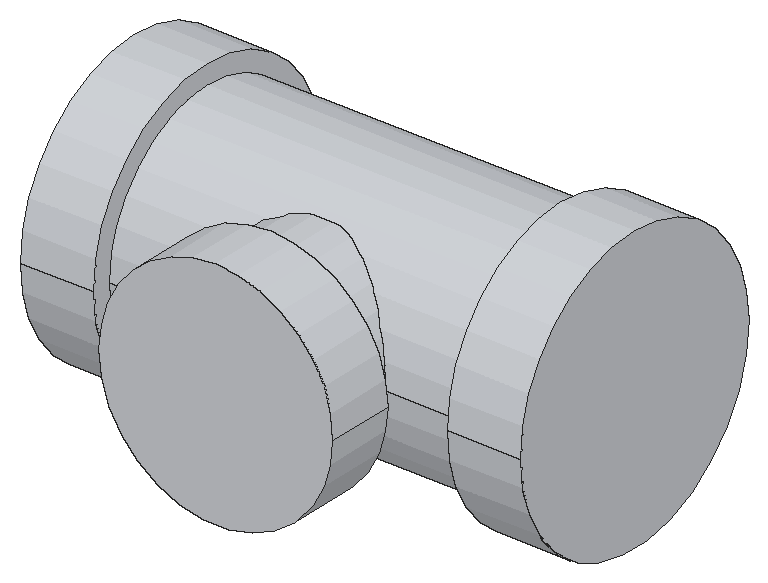
Revit family "48fd21901c42493794a210dcb1e49792", category Pipe Fittings, Revit 2021
Family settings
  Round Connector Dimension = Use Radius
  Part Type = Tee
  OmniClass Number = 23.60.30.11.14
  OmniClass Title = Pipework Fittings
  Seek Item ID = Tee Reducing - Threaded - MI - Class 150-0000-USA-ENU
  Work Plane-Based = No
  Always vertical = Yes
  Cut with Voids When Loaded = No
  Shared = No
Parameters (values of type "Standard")
  Tick Size 3 [instance] = Fitting Outside Diameter 3 * 0.4  # 0.23433"
  Tick Size 2 [instance] = Fitting Outside Diameter 2 * 0.4  # 0.29165"
  Tick Size 1 [instance] = Fitting Outside Diameter 1 * 0.4  # 0.29165"
  Nominal Radius 3 [instance] = 1/16"
  Nominal Radius 2 [instance] = 1/8"
  Nominal Radius 1 [instance] = 1/8"
  Nominal Diameter 3 [instance] = Nominal Radius 3 * 2  # 1/8"
  Nominal Diameter 2 [instance] = Nominal Radius 2 * 2  # 1/4"
  Nominal Diameter 1 [instance] = Nominal Radius 1 * 2  # 1/4"
  Metal Thickness 3 [instance] = size_lookup(Lookup Table Name, "MThk", 0.04 * Nominal Diameter 3 + 11/128", Nominal Diameter 3)  # 0.09016"
  Metal Thickness 2 [instance] = size_lookup(Lookup Table Name, "MThk", 0.04 * Nominal Diameter 2 + 11/128", Nominal Diameter 2)  # 0.09488"
  Metal Thickness 1 [instance] = size_lookup(Lookup Table Name, "MThk", 0.04 * Nominal Diameter 1 + 11/128", Nominal Diameter 1)  # 0.09488"
  Loss Method = K Coefficient from Table
  Lookup Table Name = "Tee Reducing - Threaded - MI - Class 150"
  K Coefficient Table = "Converging/Diverging Tee/Wye"
  Default Elevation = 0' - 0"
  C2 Length 2 [instance] = if(and(Angle < 90.00°, Length 1 < 0"), Max Band Outside Radius 12 / tan(Angle - atan(Band Outside Radius 3 / C3 Length 1)) + Band Width 2, Center to End 2)  # 0.74016"
  Max Band Outside Radius 12 [instance] = if(Band Outside Radius 1 > Band Outside Radius 2, Band Outside Radius 1, Band Outside Radius 2)  # 0.42126"
  C3 Length 2 [instance] = if(and(Angle < 90.00°, Length 1 < 0"), (Max Band Outside Radius 12 + Band Outside Radius 3 * cos(Angle)) / sin(Angle) + Band Width 3, if(and(Angle > 90.00°, Length 1 < 0"), (Max Band Outside Radius 12 + Band Outside Radius 3 * cos(180.00° - Angle)) / sin(180.00° - Angle) + Band Width 3, Max Band Outside Radius 12 + Band Width 3))  # 0.62205"
  C3 Length 1 [instance] = C3 Length 2 - Band Width 3  # 0.42126"
  C2 Length 1 [instance] = C2 Length 2 - Band Width 2  # 0.52362"
  C1 Length 2 [instance] = if(and(Angle > 90.00°, Length 1 < 0"), Max Band Outside Radius 12 / tan(180.00° - Angle - atan(Band Outside Radius 3 / C3 Length 1)) + Band Width 1, Center to End 1)  # 0.74016"
  C1 Length 1 [instance] = C1 Length 2 - Band Width 1  # 0.52362"
  Length 1 [instance] = if(Angle < 90.00°, ((Center to End 3 - Band Width 3) / cos(Angle 1) * sin(Angle - Angle 1) - Max Band Outside Radius 12), ((Center to End 3 - Band Width 3) / cos(Angle 1) * sin(180.00° - Angle - Angle 1) - Max Band Outside Radius 12))  # 0.1378"
  Fitting Outside Radius 3 [instance] = Fitting Outside Diameter 3 / 2  # 0.29291"
  Fitting Outside Radius 2 [instance] = Fitting Outside Diameter 2 / 2  # 0.36457"
  Fitting Outside Radius 1 [instance] = Fitting Outside Diameter 1 / 2  # 0.36457"
  Fitting Outside Diameter 3 [instance] = Fitting Inside Diameter 3 + Metal Thickness 3 * 2  # 0.58583"
  Fitting Outside Diameter 2 [instance] = Fitting Inside Diameter 2 + Metal Thickness 2 * 2  # 0.72913"
  Fitting Outside Diameter 1 [instance] = Fitting Inside Diameter 1 + Metal Thickness 1 * 2  # 0.72913"
  Fitting Inside Diameter 3 [instance] = size_lookup(Lookup Table Name, "FID", 1.08 * Nominal Diameter 3 + 13/64", Nominal Diameter 3)  # 0.40551"
  Fitting Inside Diameter 2 [instance] = size_lookup(Lookup Table Name, "FID", 1.08 * Nominal Diameter 2 + 13/64", Nominal Diameter 2)  # 0.53937"
  Fitting Inside Diameter 1 [instance] = size_lookup(Lookup Table Name, "FID", 1.08 * Nominal Diameter 1 + 13/64", Nominal Diameter 1)  # 0.53937"
  Center to End 3 [instance] = size_lookup(Lookup Table Name, "CtE3", 0.58 * Nominal Diameter 1 - 0.01 * Nominal Diameter 2 + 0.23 * Nominal Diameter 3 + 169/256", (Nominal Diameter 1), (Nominal Diameter 2), (Nominal Diameter 3))  # 0.75984"
  Center to End 2 [instance] = size_lookup(Lookup Table Name, "CtE2", 0.1 * Nominal Diameter 1 + 0.15 * Nominal Diameter 2 + 0.53 * Nominal Diameter 3 + 175/256", (Nominal Diameter 1), (Nominal Diameter 2), (Nominal Diameter 3))  # 0.74016"
  Center to End 1 [instance] = size_lookup(Lookup Table Name, "CtE1", 0.29 * Nominal Diameter 1 - 0.05 * Nominal Diameter 2 + 0.52 * Nominal Diameter 3 + 181/256", (Nominal Diameter 1), (Nominal Diameter 2), (Nominal Diameter 3))  # 0.74016"
  Band Width 3 [instance] = size_lookup(Lookup Table Name, "BWid", 0.12 * Nominal Diameter 3 + 45/256", Nominal Diameter 3)  # 0.20079"
  Band Width 2 [instance] = size_lookup(Lookup Table Name, "BWid", 0.12 * Nominal Diameter 2 + 45/256", Nominal Diameter 2)  # 0.21654"
  Band Width 1 [instance] = size_lookup(Lookup Table Name, "BWid", 0.12 * Nominal Diameter 1 + 45/256", Nominal Diameter 1)  # 0.21654"
  Band Outside Radius 3 [instance] = Band Outside Diameter 3 / 2  # 0.34646"
  Band Outside Radius 2 [instance] = Band Outside Diameter 2 / 2  # 0.42126"
  Band Outside Radius 1 [instance] = Band Outside Diameter 1 / 2  # 0.42126"
  Band Outside Diameter 3 [instance] = size_lookup(Lookup Table Name, "BOD", 1.23 * Nominal Diameter 3 + 125/256", Nominal Diameter 3)  # 0.69291"
  Band Outside Diameter 2 [instance] = size_lookup(Lookup Table Name, "BOD", 1.23 * Nominal Diameter 2 + 125/256", Nominal Diameter 2)  # 0.84252"
  Band Outside Diameter 1 [instance] = size_lookup(Lookup Table Name, "BOD", 1.23 * Nominal Diameter 1 + 125/256", Nominal Diameter 1)  # 0.84252"
  Angle 1 [instance] = atan(Band Outside Radius 3 / (Center to End 3 - Band Width 3))  # 31.7873°
  Angle [instance] = 90.00°
Reference planes (in)
  plane 1 "Center (Front/Back)": y = 0
  plane 2: z = 0
  plane 3 "Center (Left/Right)": x = 0
  plane 4: x = -0.52362
  plane 5: x = 0.52362
  plane 6: x = -0.74016
  plane 7: x = 0.74016
  plane 8: y = 0.29165
  plane 9: y = -0.29165
  plane 10: x = -0.52362
  plane 11: x = 0.52362
  plane 12: y = 0.29165
  plane 13: y = -0.29165
Forms (in)
  Blend 1, solid, detail levels fine
    base sketch origin (0, 0, 0) x (0, 1, 0) y (0, 0, 1)
      loop
        circle (0, 0) r 0.36457
    top sketch origin (0, 0, 0) x (0, 1, 0) y (0, 0, 1)
      loop
        circle (0, 0) r 0.36457
    from -0.52362 to 0.52362
  Sweep 2, solid, detail levels fine
    path in 3D
      loop
        line (-0.74016, 0, 0) -> (-0.52362, 0, 0)
    profile origin (-0.63189, 0, 0) x (0, 1, 0) y (0, 0, 1)
      loop
        circle (0, 0) r 0.42126
  Sweep 3, solid, detail levels fine
    path in 3D
      loop
        line (0.52362, 0, 0) -> (0.74016, 0, 0)
    profile origin (0.63189, 0, 0) x (0, 1, 0) y (0, 0, 1)
      loop
        circle (0, 0) r 0.42126
  Sweep 4, solid, detail levels fine
    path in 3D
      loop
        line (0, 0, 0) -> (0, -0.42126, 0)
    profile origin (0, -0.21063, 0) x (1, 0, 0) y (0, 0, 1)
      loop
        circle (0, 0) r 0.29291
  Sweep 5, solid, detail levels fine
    path in 3D
      loop
        line (0, -0.42126, 0) -> (0, -0.62205, 0)
    profile origin (0, -0.52165, 0) x (1, 0, 0) y (0, 0, 1)
      loop
        circle (0, 0) r 0.34646
Cuts and joins
  joined: Blend 1, Sweep 2, Sweep 3, Sweep 4, Sweep 5
Lines and regions (in)
  model lines, detail levels coarse+medium
    curve 1: line (-0.74016, 0.29165, 0) -> (-0.74016, -0.29165, 0)
    curve 2: line (0.74016, 0.29165, 0) -> (0.74016, -0.29165, 0)
    curve 14: line (0, 0, 0) -> (0, -0.62205, 0)
    curve 15: line (0, 0, 0) -> (0.74016, 0, 0)
    curve 16: line (0, 0, 0) -> (-0.74016, 0, 0)
    curve 17: line (0.23433, -0.62205, 0) -> (-0.23433, -0.62205, 0)
  reference lines
    curve 3: line (0, 0, 0) -> (0, -0.42126, 0)
    curve 4: line (0, -0.42126, 0) -> (0, -0.62205, 0)
    curve 5: line (0.52362, 0, 0) -> (0.74016, 0, 0)
    curve 6: line (-0.74016, 0, 0) -> (-0.52362, 0, 0)
    curve 7: line (-0.74016, 0, 0) -> (-0.52362, 0, 0)
    curve 8: line (0.52362, 0, 0) -> (0.74016, 0, 0)
    curve 9: line (0, -0.62205, 0) -> (0, -0.42126, 0)
  sketch lines
    curve 10: line (-0.74016, 0, 0) -> (-0.52362, 0, 0)
    curve 11: line (0.52362, 0, 0) -> (0.74016, 0, 0)
    curve 12: line (0, 0, 0) -> (0, -0.42126, 0)
    curve 13: line (0, -0.42126, 0) -> (0, -0.62205, 0)
Dimensions and locks (in)
  "C1 Length 1": plane 4 to plane 3 "Center (Left/Right)"
  "C2 Length 1": plane 3 "Center (Left/Right)" to plane 5
  "C1 Length 2": plane 6 to plane 3 "Center (Left/Right)"
  equal spacing: plane 8, plane 1 "Center (Front/Back)", plane 9
  "Tick Size 1": plane 8 to plane 1 "Center (Front/Back)"
  "C3 Length 1": curve 3 to curve 4
  "Band Width 3": curve 4 to curve 4
  "C2 Length 2": plane 3 "Center (Left/Right)" to plane 7
  equal spacing: plane 12, plane 1 "Center (Front/Back)", plane 13
  "Tick Size 2": plane 12 to plane 1 "Center (Front/Back)"
  "C3 Length 2": curve 14 to curve 14
  equal spacing: curve 17, curve 14, curve 17
  "Tick Size 3": curve 14 to curve 17
  "Fitting Outside Radius 1": radius of Blend 1 sketch curve
  "Fitting Outside Radius 2": radius of Blend 1 sketch curve
  "Band Outside Radius 1": radius of Sweep 2 sketch curve
  "Band Outside Radius 2": radius of Sweep 3 sketch curve
  "Fitting Outside Radius 3": radius of Sweep 4 sketch curve
  "Band Outside Radius 3": radius of Sweep 5 sketch curve
  "Angle": angle curve 3 to plane 1 "Center (Front/Back)"
  "Angle": angle curve 4 to plane 1 "Center (Front/Back)"
  "Angle": angle curve 9 to plane 1 "Center (Front/Back)"
  "Angle": angle curve 14 to plane 1 "Center (Front/Back)"
  "Angle": angle curve 17 to plane 5
  aligned and locked: plane 8 to curve 1
  aligned and locked: plane 9 to curve 1
  aligned and locked: curve 1 to plane 6
  aligned and locked: curve 2 to plane 7
  aligned and locked: plane 3 "Center (Left/Right)" to curve 3
  aligned and locked: plane 6 to curve 6
  aligned and locked: plane 4 to curve 6
  aligned and locked: plane 5 to curve 5
  aligned and locked: plane 7 to curve 5
  aligned and locked: plane 1 "Center (Front/Back)" to curve 5
  aligned and locked: plane 1 "Center (Front/Back)" to curve 6
  aligned and locked: plane 6 to curve 7
  aligned and locked: plane 10 to curve 7
  aligned and locked: plane 1 "Center (Front/Back)" to curve 7
  aligned and locked: plane 11 to curve 8
  aligned and locked: plane 7 to curve 8
  aligned and locked: plane 1 "Center (Front/Back)" to curve 8
  aligned and locked: plane 1 "Center (Front/Back)" to Blend 1 sketch curve  (x2)
  aligned and locked: plane 2 to Blend 1 sketch curve  (x2)
  aligned and locked: Blend 1 to plane 4
  aligned and locked: plane 5 to Blend 1
  aligned and locked: plane 1 "Center (Front/Back)" to Sweep 2 sketch curve
  aligned and locked: plane 2 to Sweep 2 sketch curve
  aligned and locked: plane 1 "Center (Front/Back)" to Sweep 3 sketch curve
  aligned and locked: plane 2 to Sweep 3 sketch curve
  aligned and locked: plane 13 to curve 2
  aligned and locked: plane 12 to curve 2
  aligned and locked: profile plane to Sweep 4 sketch curve  (x2)
  aligned and locked: profile plane to Sweep 5 sketch curve  (x2)
  aligned and locked: plane 3 "Center (Left/Right)" to curve 14
  aligned and locked: plane 1 "Center (Front/Back)" to curve 14
  aligned and locked: plane 7 to curve 15
  aligned and locked: plane 6 to curve 16
Automatic sketch dimensions
  curve 3 to plane 1 "Center (Front/Back)" = 0' - 0"
Connectors (in)
  piping at (-0.74016, 0, 0), diameter 0.25, driven by "Nominal Radius 1"
    settings: on cut or joined group of Blend 1, Sweep 2, Sweep 3, Sweep 4, Sweep 5, index 1, connector inside diameter 1/4", connector length 0' - 0", flow factor 0, pipe flow 0 GPM, pressure drop 0.00 psi, fitting loss kfactor 0, connector angle 0.00°, fixture units 0, engagement length 0' - 0", angle of deflection 0.00°, flow configuration 0, flow direction 0, fitting loss method 0, system type 28, joint type 0, gender type 0, connector reference index 2, connector utility 0, adjustable connector no, is connector primary yes, connector description ""
  piping at (0.74016, 0, 0), diameter 0.25, driven by "Nominal Radius 2"
    settings: on cut or joined group of Blend 1, Sweep 2, Sweep 3, Sweep 4, Sweep 5, index 2, connector inside diameter 1/4", connector length 0' - 0", flow factor 0, pipe flow 0 GPM, pressure drop 0.00 psi, fitting loss kfactor 0, connector angle 0.00°, fixture units 0, engagement length 0' - 0", angle of deflection 0.00°, flow configuration 0, flow direction 0, fitting loss method 0, system type 28, joint type 0, gender type 0, connector reference index 1, connector utility 0, adjustable connector no, is connector primary no, connector description ""
  piping at (0, -0.62205, 0), diameter 0.125, driven by "Nominal Radius 3", driven by "Angle"
    settings: on cut or joined group of Blend 1, Sweep 2, Sweep 3, Sweep 4, Sweep 5, index 3, connector inside diameter 1/8", connector length 0' - 0", flow factor 0, pipe flow 0 GPM, pressure drop 0.00 psi, fitting loss kfactor 0, connector angle 90.00°, fixture units 0, engagement length 0' - 0", angle of deflection 0.00°, flow configuration 0, flow direction 0, fitting loss method 0, system type 28, joint type 0, gender type 0, connector reference index -1, connector utility 0, adjustable connector no, is connector primary no, connector description ""
